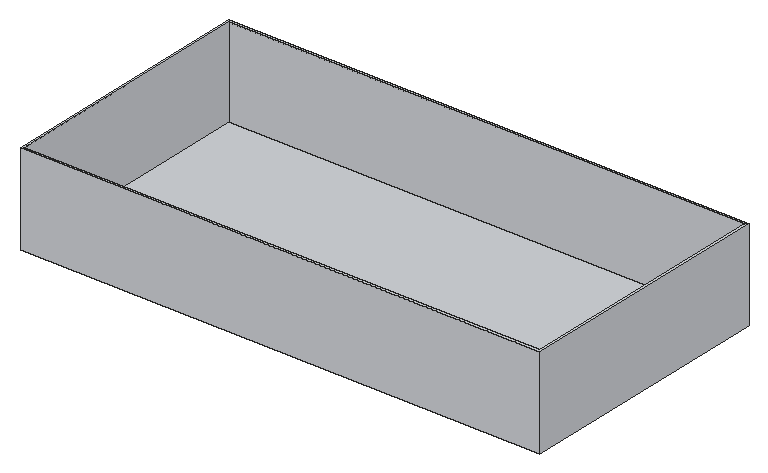
Revit family "Hager-Panelboard_400A_Cable_Spreader-empty-UK-en", category Electrical Equipment, host Face, Revit 2020
Family settings
  Host = Face
  Panel Configuration = Two Columns, Circuits Across
  Round Connector Dimension = Use Diameter
  Part Type = Panelboard
  Cut with Voids When Loaded = No
  Shared = No
  Room Calculation Point = No
Parameters (values of type "Surface mounted P2XC W900 H450 D158 0 Modular spacings - JF806E")
  Width Control [instance] = if([HG000006 - Flush mounted], if([EF000846 - Built-in width] > min_whd, [EF000846 - Built-in width], min_whd), if([EF000008 - Width] > min_whd, ([EF000008 - Width]), min_whd))  # 900 mm
  Void Depth [instance] = if([HG000006 - Flush mounted], Depth Control, 1 mm)  # 1 mm
  Type Comments = [HG000003 - Range]  # "Panelboards"
  System Height [instance] = Height Control - 2 * [HG000005 - Thickness]  # 444 mm
  Model = [HG000004 - Manufacturer reference]  # "JF806E"
  HG000017 - Distance between poles = 18 mm
  HG000016 - Door 3d visibility [instance] = yes
  HG000015 - Clearance visibility [instance] = no
  HG000014 - Door on the right [instance] = yes
  HG000013 - Door on the left [instance] = not([HG000014 - Door on the right])  # no
  HG000012 - Door swing angle [instance] = 45.00°
  HG000011 - Empty rows from bottom = no
  HG000010 - Asymmetric doors = no
  HG000009 - Double swing door = no
  HG000008 - Number of empty rows = 0
  HG000007 - Number of empty columns = 0
  HG000006 - Flush mounted = no
  HG000005 - Thickness = 3 mm  # constant formula
  HG000004 - Manufacturer reference = "JF806E"
  HG000003 - Range = "Panelboards"
  HG000002 - With door or cover = no
  HG000001 - Number of columns = 0
  EF015941 - Signal passing door = no
  EF015777 - Neutral terminal block = yes
  EF015776 - Earthing terminal block = yes
  EF009212 - Cover model = ""
  EF006306 - With lock = yes
  EF006244 - Transparent cover/door = no
  EF005474 - Degree of protection (IP) = "EV009848 - IP2XC"
  EF004462 - Type of closure = "EV001412 - Cylinder"
  EF002950 - Width in number of modular spacings = 0
  EF001596 - Material housing = "EV000179 - Steel"
  EF001134 - DIN-rail = no
  EF001131 - Internal depth = 0 mm
  EF001088 - Extension possible = no
  EF001062 - EMC-version = no
  EF000846 - Built-in width = 0 mm
  EF000339 - Type of cover = "EV004216 - Door"
  EF000332 - Built-in height = 0 mm
  EF000266 - Number of rows = 0
  EF000218 - Built-in depth = 0 mm
  EF000118 - With mounting plate = no
  EF000116 - RAL-number = ""
  EF000049 - Depth = 158 mm
  EF000040 - Height = 450 mm
  EF000008 - Width = 900 mm
  EF000007 - Colour = "EV000154 - Other"
  EF000003 - Mounting method = "EV000384 - Surface mounted (plaster)"
  Arrow Offset [instance] = Depth Control / 8  # 19.75 mm
  Arrow Height [instance] = Depth Control - Arrow Offset  # 138.25 mm
  Host Offset [instance] = if([HG000006 - Flush mounted], 0 mm, [EF000049 - Depth])  # 158 mm
  min_whd [instance] = (2 * [HG000005 - Thickness]) + 1 mm  # 7 mm
  Manufacturer = "Hager"  # constant formula
  Height Control [instance] = if([HG000006 - Flush mounted], if([EF000332 - Built-in height] > min_whd, [EF000332 - Built-in height], min_whd), if([EF000040 - Height] > min_whd, ([EF000040 - Height]), min_whd))  # 450 mm
  Flush Mounted - Door Frame Width [instance] = if(([EF000040 - Height] - [EF000332 - Built-in height]) > 0 mm, if([HG000006 - Flush mounted], [EF000040 - Height] - [EF000332 - Built-in height], 0 mm), 0 mm)  # 0 mm
  Depth Control [instance] = if([HG000006 - Flush mounted], if([EF000218 - Built-in depth] > 0 mm, [EF000218 - Built-in depth], 1 mm), if([EF000049 - Depth] > 0 mm, ([EF000049 - Depth]), 1 mm))  # 158 mm
  Default Elevation = 0 mm
Types (2, lengths in mm): name | System Height | Model | HG000004 - Manufacturer reference | EF001088 - Extension possible | EF000339 - Type of cover | EF000040 - Height | Height Control
  Surface mounted P2XC W900 H300 D158  Modular spacings - JF805E | 294 | "JF805E" | "JF805E" | yes | "EV001012 - Cover" | 300 | 300
  Surface mounted P2XC W900 H450 D158 0 Modular spacings - JF806E | 444 | "JF806E" | "JF806E" | no | "EV004216 - Door" | 450 | 450
Reference planes
  plane 1 "Center (Front/Back)": y = 0
  plane 2: z = 0
  plane 3 "Center (Left/Right)": x = 0
  plane 4: z = 158
  plane 5: y = 3
  plane 6: z = 153
  plane 7: y = 225
  plane 8: y = 0
  plane 9: y = 450
  plane 10: z = 0
  plane 11: x = -450
  plane 12: x = 450
  plane 13: x = 447
  plane 14: x = -447
  plane 15: y = 447
  plane 16: z = 3
  plane 17: z = 155
  plane 18: z = -1
  plane 19: z = 155
Forms (mm)
  Extrusion 1, solid
    sketch origin (-583.045, 0, 1219.2) x (-1, 0, 0) y (0, 0, 1)
      loop
        line (-133.045, -1061.2) -> (-1033.045, -1061.2) -> (-1033.045, -1219.2) -> (-133.045, -1219.2) -> (-133.045, -1061.2)
    from 0 to 450 <- "Height Control"
  Extrusion 2, void
    sketch origin (-381.607, -4572, 158) x (0, -1, 0) y (-1, 0, 0)
      loop
        line (-5019, 65.393) -> (-5019, -828.607) -> (-4575, -828.607) -> (-4575, 65.393) -> (-5019, 65.393)
    from 0 to 155
  Extrusion 3, void
    sketch origin (0, 0, 0) x (1, 0, 0) y (0, 1, 0)
      loop
        line (-450, 0) -> (450, 0) -> (450, 450) -> (-450, 450) -> (-450, 0)
    from -1 to 1
  Extrusion 4, solid, detail levels coarse+medium
    sketch origin (-381.607, -4572, 158) x (-1, 0, 0) y (0, -1, 0)
      loop
        line (65.393, -5019) -> (65.393, -4575) -> (-828.607, -4575) -> (-828.607, -5019) -> (65.393, -5019)
    from 0 to -3
Cuts and joins
  Extrusion 2 cuts Extrusion 1
Dimensions and locks
  plane 4 to plane 6 = 5 mm
  "Host Offset": plane 4 to host face
  "Flush Mounted - Door Frame Width": plane 1 "Center (Front/Back)" to plane 8
  "HG000005 - Thickness": plane 5 to plane 8
  locked: connector elem to plane 3 "Center (Left/Right)"
  "Height Control": plane 9 to plane 8
  equal spacing: plane 9, plane 7, plane 8
  locked: connector elem to plane 7
  "Depth Control": plane 4 to plane 10
  "HG000005 - Thickness": plane 11 to plane 14
  "HG000005 - Thickness": plane 12 to plane 13
  equal spacing: plane 11, plane 3 "Center (Left/Right)", plane 12
  "Width Control": plane 11 to plane 12
  "Arrow Offset": nested 4 to plane 10
  "HG000005 - Thickness": plane 9 to plane 15
  "HG000005 - Thickness": plane 16 to plane 10
  "HG000005 - Thickness": plane 4 to plane 17
  "Void Depth": plane 2 to plane 18
  "HG000005 - Thickness": plane 4 to plane 19
  aligned and locked: plane 2 to host face
  aligned and locked: level to host face
  aligned and locked: plane 3 "Center (Left/Right)" to nested 2
  aligned and locked: nested 2 to plane 4
  aligned and locked: nested 2 to plane 8
  aligned and locked: nested 1 to plane 6
  aligned and locked: nested 1 to plane 5
  aligned and locked: nested 4 to plane 11
  aligned and locked: nested 3 to plane 4
  aligned and locked: Extrusion 1 sketch curve to plane 12
  aligned and locked: Extrusion 1 sketch curve to plane 11
  aligned and locked: nested 3 to plane 10
  aligned and locked: plane 10 to Extrusion 1 sketch curve
  aligned and locked: Extrusion 2 sketch curve to plane 5
  aligned and locked: Extrusion 2 sketch curve to plane 15
  aligned and locked: Extrusion 2 sketch curve to plane 14
  aligned and locked: Extrusion 2 sketch curve to plane 13
  aligned and locked: plane 11 to Extrusion 3 sketch curve
  aligned and locked: plane 9 to Extrusion 3 sketch curve
  aligned and locked: Extrusion 3 sketch curve to plane 8
  aligned and locked: plane 12 to Extrusion 3 sketch curve
  aligned and locked: nested 3 to plane 12
  aligned and locked: Extrusion 3 to plane 18
  aligned and locked: Extrusion 2 to plane 16
  aligned and locked: Extrusion 1 sketch curve to plane 4
  aligned and locked: Extrusion 4 to plane 17
  aligned and locked: Extrusion 4 sketch curve to plane 15
  aligned and locked: Extrusion 4 sketch curve to plane 13
  aligned and locked: Extrusion 4 sketch curve to plane 14
  aligned and locked: Extrusion 4 sketch curve to plane 5
Automatic sketch dimensions
  host sketch curve to host sketch curve = 1469.727 mm
  host sketch curve to host sketch curve = 1434.803 mm
Nested families
  nested 1: "Hager_Enclosure_System" at (0, 3, 153) x (1, 0, 0) z (0, 1, 0), Depth <- "HG000005 - Thickness", Height <- "System Height", Width <- "EF000008 - Width", Border <- "HG000005 - Thickness", Flush_Mounted <- "HG000006 - Flush mounted", Built-in_Width <- "EF000846 - Built-in width", Row_Module_Multiplicator <- "EF002950 - Width in number of modular spacings", Total_No_Empty_Rows <- "HG000008 - Number of empty rows", Total_No_Rows <- "EF000266 - Number of rows", Empty_Columns <- "HG000007 - Number of empty columns", Width_Control <- "Width Control", Empty_Rows_From_Bottom <- "HG000011 - Empty rows from bottom", Distance_Between_Poles <- "HG000017 - Distance between poles", Rows_Count <- "EF000266 - Number of rows", Columns_Count <- "HG000001 - Number of columns", type "Hager_Enclosure_System", detail levels fine
    with Width_Control 900 mm, Width 900 mm, Total_No_Rows 0, Total_No_Empty_Rows 0, Total_No_Columns 1, System_Width 894 mm, Rows_Count 0, Rows_Column 0, Row_Module_Multiplicator 0, Panel_4 no, Panel_3 no, Panel_2 no, Panel_1 no, No_Panels_Ctrl 1, Hide_Columns yes, Height 444 mm, Flush_Mounted no, Empty_Rows_From_Bottom no, Empty_Rows_Column 0, Empty_Columns 0, Distance_Between_Poles 18 mm, Depth 3 mm, Columns_Count 0, Column_Width 894 mm, Built-in_Width 0 mm, Border 3 mm
  nested 2: "Hager_Enclosure_Door" at (0, 0, 158) x (1, 0, 0) z (0, 1, 0), Border <- "HG000005 - Thickness", Door_Right <- "HG000014 - Door on the right", Flush_Mounted <- "HG000006 - Flush mounted", Depth <- "EF000049 - Depth", Width <- "EF000008 - Width", Door_Left <- "HG000013 - Door on the left", 3d_Door <- "HG000016 - Door 3d visibility", BuiltIn_Width <- "EF000846 - Built-in width", BuiltIn_Height <- "EF000332 - Built-in height", BuiltIn_Depth <- "EF000218 - Built-in depth", Angle <- "HG000012 - Door swing angle", Assymetrical <- "HG000010 - Asymmetric doors", Double <- "HG000009 - Double swing door", Clearance <- "HG000015 - Clearance visibility", Transparent <- "EF006244 - Transparent cover/door", Door <- "HG000002 - With door or cover", Height_Ctrl <- "Height Control", Width_Ctrl <- "Width Control", Height <- "EF000040 - Height", type "Hager_Enclosure_Door", detail levels medium+fine
    with min_wh 7 mm, Width_Ctrl 900 mm, Width 900 mm, Transparent_Door_No_Bottom_Border no, Transparent no, Leaf_Width 891 mm, Leaf_Tolerance 1.5 mm, Leaf_Height 441 mm, Leaf_2_Width 891 mm, Leaf_2_Offset 445.5 mm, Leaf_1_Width 891 mm, Leaf_1_Offset 445.5 mm, Height_Ctrl 450 mm, Height 450 mm, Frame_Width_Ctrl 900 mm, Frame_Width 900 mm, Frame_Internal_Offset 0 mm, Frame_Height_Ctrl 450 mm, Frame_Height 450 mm, Frame_Depth_Ctrl 1 mm, Frame_Depth 0 mm, Flush_Mounted no, Double_Clearance_Ctrl no, Double no, Door_Right_Ctrl no, Door_Right yes, Door_Left_Ctrl no, Door_Left no, Door no, Depth 158 mm, Clearance_Depth 891 mm, Clearance_Ctrl no, Clearance no, BuiltIn_Width 0 mm, BuiltIn_Height 0 mm, BuiltIn_Depth 0 mm, Border 3 mm, Assymetrical no, Angle 45.00°, 3d_Door yes
  nested 3: "Hager_Enclosure_Symbol_Triangle" at (-450, 0, 0) x (1, 0, 0) z (0, -1, 0), Depth <- "Depth Control", Width <- "Width Control", type "Hager_Enclosure_Symbol_Triangle"
    with Width_Ctrl 900 mm, Width 900 mm, Depth_Ctrl 158 mm, Depth 158 mm
  nested 4: "Hager_Enclosure_Symbol_Arrow" at (-450, 0, 19.75) x (1, 0, 0) z (0, -1, 0), Height <- "Arrow Height", type "Hager_Enclosure_Symbol_Arrow"
    with Width_Inside 10.369 mm, Width 124.425 mm, Height_Ctrl 138.25 mm, Height 138.25 mm
Connectors
  electrical at (0, 225, 0)
    settings: on plane 10, index 1, voltage 0 V, apparent load 0 VA, apparent load phase1 0 VA, apparent load phase2 0 VA, apparent load phase3 0 VA, power factor 1, load classification "Other", number of poles 1, system type 30, power factor state 1, is connector primary yes, connector utility no, sub classification motor no, connector description ""
Definition of nested family "Hager_Enclosure_Door"
  Parameters (values of type "Hager_Enclosure_Door")
    min_wh [instance] = (2 * Border) + 1 mm  # 11 mm
    Width_Ctrl [instance] = 400 mm
    Width [instance] = 500 mm
    Transparent_Door_No_Bottom_Border [instance] = no
    Transparent [instance] = yes
    Leaf_Width [instance] = if((Width_Ctrl - 2 * Border - 2 * Leaf_Tolerance) > 0 mm, (Width_Ctrl - 2 * Border - 2 * Leaf_Tolerance), min_wh)  # 387 mm
    Leaf_Tolerance [instance] = 1.5 mm  # constant formula
    Leaf_Height [instance] = if((Height_Ctrl - 2 * Border - 2 * Leaf_Tolerance) > 0 mm, (Height_Ctrl - 2 * Border - 2 * Leaf_Tolerance), min_wh)  # 387 mm
    Leaf_2_Width [instance] = if(and(and(Double, Assymetrical), Door_Left), (Leaf_Width / 3) - (Leaf_Tolerance / 2), if(and(and(Double, Assymetrical), Door_Right), (Leaf_Width / 3) * 2 - (Leaf_Tolerance / 2), if(and(Double, not(Assymetrical)), (Leaf_Width / 2) - Leaf_Tolerance, Leaf_Width)))  # 387 mm
    Leaf_2_Offset [instance] = if(and(Double, Assymetrical), Leaf_2_Width / 2, if(and(Double, not(Assymetrical)), Leaf_Width / 4, Leaf_Width / 2))  # 193.5 mm
    Leaf_1_Width [instance] = if(and(and(Double, Assymetrical), Door_Right), (Leaf_Width / 3) - (Leaf_Tolerance / 2), if(and(and(Double, Assymetrical), Door_Left), (Width / 3) * 2 - (Leaf_Tolerance / 2), if(and(Double, not(Assymetrical)), (Leaf_Width / 2) - Leaf_Tolerance, Leaf_Width)))  # 387 mm
    Leaf_1_Offset [instance] = if(and(Double, Assymetrical), Leaf_1_Width / 2, if(and(Double, not(Assymetrical)), Leaf_Width / 4, Leaf_Width / 2))  # 193.5 mm
    Height_Ctrl [instance] = 400 mm
    Height [instance] = 500 mm
    Frame_Width_Ctrl [instance] = if(Frame_Width > 0 mm, Frame_Width, 1 mm)  # 1 mm
    Frame_Width [instance] = Width - BuiltIn_Width  # 0 mm
    Frame_Internal_Offset [instance] = if(Flush_Mounted, Border, 0 mm)  # 5 mm
    Frame_Height_Ctrl [instance] = if(Frame_Height > 0 mm, Frame_Height, 1 mm)  # 1 mm
    Frame_Height [instance] = Height - BuiltIn_Height  # 0 mm
    Frame_Depth_Ctrl [instance] = if(Frame_Depth > 0 mm, Frame_Depth, 1 mm)  # 1 mm
    Frame_Depth [instance] = if(Depth - BuiltIn_Depth > 0 mm, if(Flush_Mounted, Depth - BuiltIn_Depth, 0 mm), 0 mm)  # 0 mm
    Flush_Mounted [instance] = yes
    Double_Clearance_Ctrl [instance] = and(Double, Clearance)  # no
    Double [instance] = no
    Door_Right_Ctrl [instance] = and(or(Door_Right, Double), Door)  # yes
    Door_Right [instance] = yes
    Door_Left_Ctrl [instance] = and(or(Door_Left, Double), Door)  # no
    Door_Left [instance] = no
    Door [instance] = yes
    Depth [instance] = 500 mm
    Default Elevation = 1219.2 mm
    Clearance_Material = none
    Clearance_Depth [instance] = if(Leaf_1_Width > Leaf_2_Width, Leaf_1_Width, Leaf_2_Width)  # 387 mm
    Clearance_Ctrl [instance] = and(not(Double), Clearance)  # yes
    Clearance [instance] = yes
    BuiltIn_Width [instance] = 500 mm
    BuiltIn_Height [instance] = 500 mm
    BuiltIn_Depth [instance] = 500 mm
    Border [instance] = 5 mm
    Assymetrical [instance] = yes
    Angle [instance] = 30.00°
    3d_Door [instance] = yes
  Reference planes
    plane 1 "Center (Front/Back)": y = 0
    plane 2 "Bottom": z = 0
    plane 3 "Center (Left/Right)": x = 0
    plane 4: z = 400
    plane 5: x = -200
    plane 6: x = 200
    plane 7: z = 395
    plane 8: x = -195
    plane 9: z = 5
    plane 10: x = 195
    plane 11: y = 0
    plane 12: z = 6.5
    plane 13: x = -582
    plane 14: y = -387
    plane 15: x = 582
    plane 16: x = 0
    plane 17: x = 0
    plane 18: x = -193.5
    plane 19: x = 193.5
    plane 20: z = 393.5
  Forms (mm)
    Extrusion 1, solid, visible <- "Flush_Mounted"
      sketch origin (0, 0, 0) x (1, 0, 0) y (0, 0, 1)
        loop
          line (195, 5) -> (195, 395) -> (-195, 395) -> (-195, 5) -> (195, 5)
        loop
          line (-201, 401) -> (-201, -1) -> (201, -1) -> (201, 401) -> (-201, 401)
      from 0 to 1 <- "Frame_Depth_Ctrl"
    Extrusion 2, solid, material <- "Clearance_Material", visible <- "Double_Clearance_Ctrl"
      sketch origin (1200, 0, 0) x (1, 0, 0) y (0, 0, -1)
        loop
          line (-1782, -393.5) -> (-618, -393.5) -> (-618, 0) -> (-1782, 0) -> (-1782, -393.5)
      from 0 to -387
  Dimensions and locks
    equal spacing: plane 5, plane 3 "Center (Left/Right)", plane 6
    "Width_Ctrl": plane 5 to plane 6
    "Border": plane 5 to plane 8
    "Border": plane 6 to plane 10
    "Border": plane 9 to level
    "Border": plane 4 to plane 7
    "Height_Ctrl": plane 4 to level
    "Leaf_Tolerance": plane 12 to plane 9
    "Frame_Depth": plane 11 to plane 1 "Center (Front/Back)"
    "Frame_Width_Ctrl": plane 5 to Extrusion 1 sketch curve
    "Frame_Width_Ctrl": plane 6 to Extrusion 1 sketch curve
    "Frame_Width_Ctrl": Extrusion 1 sketch curve to plane 4
    "Frame_Width_Ctrl": plane 2 "Bottom" to Extrusion 1 sketch curve
    "Leaf_1_Offset": plane 18 to plane 16
    "Leaf_2_Offset": plane 17 to plane 19
    "Leaf_1_Width": plane 13 to plane 8
    "Leaf_2_Width": plane 10 to plane 15
    "Clearance_Depth": plane 14 to plane 1 "Center (Front/Back)"
    "Leaf_Tolerance": plane 8 to plane 18
    "Leaf_Tolerance": plane 19 to plane 10
    "Leaf_Tolerance": plane 7 to plane 20
    "Frame_Internal_Offset": plane 5 to Extrusion 1 sketch curve
    "Frame_Internal_Offset": Extrusion 1 sketch curve to plane 2 "Bottom"
    "Frame_Internal_Offset": plane 6 to Extrusion 1 sketch curve
    "Frame_Internal_Offset": plane 4 to Extrusion 1 sketch curve
    aligned and locked: level to plane 2 "Bottom"
    aligned and locked: nested 1 to plane 16
    aligned and locked: nested 2 to plane 17
    aligned and locked: Extrusion 2 to plane 13
    aligned and locked: plane 15 to Extrusion 2
    aligned and locked: Extrusion 2 to plane 14
    aligned and locked: plane 12 to nested 1
    aligned and locked: nested 2 to plane 12
    aligned and locked: Extrusion 2 to plane 11
    aligned and locked: plane 20 to Extrusion 2
    aligned and locked: nested 2 to plane 11
    aligned and locked: nested 1 to plane 11
  Automatic sketch dimensions
    Extrusion 2 sketch curve to level = 0 mm
    plane 5 to Extrusion 2 sketch curve = 382 mm
    plane 6 to Extrusion 2 sketch curve = 382 mm
    Extrusion 2 sketch curve to plane 4 = 6.5 mm
  Nested families
    nested 1: "Hager_Enclosure_Door_Leaf" at (0, 0, 6.5), Width <- "Leaf_1_Width", visible <- "Door_Left_Ctrl", Leaf_Height <- "Leaf_Height", Angle <- "Angle", Depth <- "Border", 3d_Door <- "3d_Door", Transparent <- "Transparent", Clearance Material <- "Clearance_Material", Clearance <- "Clearance_Ctrl", Transparent_Door_No_Bottom_Border <- "Transparent_Door_No_Bottom_Border", type "Hager_Enclosure_Door_Leaf"
      with Width 387 mm, Transparent_Door_No_Bottom_Border no, Transparent_Door_Border_Bottom_Top 25 mm, Transparent_Door_Border 25 mm, Transparent_Ctrl yes, Transparent yes, Standard no, Leaf_Height 387 mm, Glass_Offset 1 mm, Depth 5 mm, Clearance Material none, Clearance yes, Angle_Ctrl 30.00°, Angle 30.00°, 3d_Door yes
    nested 2: "Hager_Enclosure_Door_Leaf" at (0, 0, 6.5) x (-1, 0, 0) z (0, 0, 1), Width <- "Leaf_2_Width", visible <- "Door_Right_Ctrl", Leaf_Height <- "Leaf_Height", Angle <- "Angle", Depth <- "Border", 3d_Door <- "3d_Door", Transparent <- "Transparent", Clearance Material <- "Clearance_Material", Clearance <- "Clearance_Ctrl", Transparent_Door_No_Bottom_Border <- "Transparent_Door_No_Bottom_Border", type "Hager_Enclosure_Door_Leaf"
      with Width 387 mm, Transparent_Door_No_Bottom_Border no, Transparent_Door_Border_Bottom_Top 25 mm, Transparent_Door_Border 25 mm, Transparent_Ctrl yes, Transparent yes, Standard no, Leaf_Height 387 mm, Glass_Offset 1 mm, Depth 5 mm, Clearance Material none, Clearance yes, Angle_Ctrl 30.00°, Angle 30.00°, 3d_Door yes
  Definition of nested family "Hager_Enclosure_Door_Leaf"
    Parameters (values of type "Hager_Enclosure_Door_Leaf")
      Width [instance] = 2000 mm
      Transparent_Door_No_Bottom_Border [instance] = yes
      Transparent_Door_Border_Bottom_Top [instance] = if(Transparent_Door_No_Bottom_Border, 0.1 mm, Transparent_Door_Border)  # 0.1 mm
      Transparent_Door_Border [instance] = if(Transparent_Door_No_Bottom_Border, (Width * 0.12), 25 mm)  # 240 mm
      Transparent_Ctrl [instance] = and(Transparent, [3d_Door])  # yes
      Transparent [instance] = yes
      Standard [instance] = and(not(Transparent), [3d_Door])  # no
      Leaf_Height [instance] = 2720.336 mm
      Glass_Offset [instance] = if((Depth - 10 mm) / 2 > 0 mm, (Depth - 10 mm) / 2, 1 mm)  # 15 mm
      Glass_Material = none
      Depth [instance] = 40 mm
      Default Elevation = 0 mm
      Clearance Material [instance] = none
      Clearance [instance] = yes
      Angle_Ctrl [instance] = if(Angle > 170.00°, 170.00°, Angle)  # 45.00°
      Angle [instance] = 45.00°
      3d_Door [instance] = yes
    Reference planes
      plane 1 "Center (Front/Back)": y = 0
      plane 2: z = 0
      plane 3 "Center (Left/Right)": x = 0
      plane 4: y = 2000
      plane 5: x = -1000
      plane 6: x = 1000
      plane 7: x = -3000
      plane 8: z = 2720.336
      plane 9: z = 0.1
      plane 10: z = 2720.236
      plane 11: x = 760
      plane 12: x = -760
    Forms (mm)
      Extrusion 1, solid, material <- "Clearance Material", visible <- "Clearance"
        sketch origin (0, 0, 0) x (1, 0, 0) y (0, 0, 1)
          loop
            line (-3000, 2720.336) -> (-3000, 0) -> (1000, 0) -> (1000, 2720.336) -> (-3000, 2720.336)
        from 0 to -2000
      Extrusion 2, solid, visible <- "Standard", detail levels medium+fine
        sketch origin (-1000, 0, 0) x (0.707107, 0.707107, 0) y (-0.707107, 0.707107, 0)
          loop
            line (0, -40) -> (2000, -40) -> (2000, 0) -> (0, 0) -> (0, -40)
        from 0 to 2720.336 <- "Leaf_Height"
      Extrusion 3, solid, visible <- "Transparent_Ctrl", detail levels medium+fine
        sketch origin (-1000, 0, 0) x (0.707107, 0.707107, 0) y (-0.707107, 0.707107, 0)
          loop
            line (0, -40) -> (2000, -40) -> (2000, 0) -> (0, 0) -> (0, -40)
        from 0 to 2720.336 <- "Leaf_Height"
      Extrusion 4, void, detail levels medium+fine
        sketch origin (-1000, 0, 0) x (-0.707107, 0.707107, 0) y (0.707107, 0.707107, 0)
          loop
            line (0, 240) -> (0, 1760) -> (-40, 1760) -> (-40, 240) -> (0, 240)
        from -2720.236 to -0.1
      Extrusion 5, solid, material <- "Glass_Material", visible <- "Transparent_Ctrl", detail levels medium+fine
        sketch origin (-1000, 0, 0) x (0.707107, 0.707107, 0) y (-0.707107, 0.707107, 0)
          loop
            line (240, -15) -> (240, -25) -> (1760, -25) -> (1760, -15) -> (240, -15)
        from 0.1 to 2720.236
    Cuts and joins
      Extrusion 4 cuts Extrusion 3
    Lines and regions (mm)
      symbolic lines
        curve 1: line (1000, 0, 0) -> (-3000, 0, 0)
        curve 2: arc (1000, 0, 0) -> (-1000, 2000, 0) -> (-3000, 0, 0) r 2000
        curve 4: line (-1000, 0, 0) -> (414.214, 1414.214, 0)
      reference lines
        curve 3: line (-1000, 0, 0) -> (414.214, 1414.214, 0)
      symbolic lines, detail levels medium+fine
        curve 5: line (414.214, 1414.214, 0) -> (442.498, 1385.929, 0)
        curve 6: line (442.498, 1385.929, 0) -> (-971.716, -28.284, 0)
        curve 7: line (-971.716, -28.284, 0) -> (-1000, 0, 0)
        curve 8: line (-1000, 0, 2720.336) -> (1000, 0, 2720.336)
        curve 9: line (-1000, 0, 0) -> (-1000, 0, 2720.336)
        curve 10: line (1000, 0, 0) -> (-1000, 0, 0)
        curve 11: line (1000, 0, 2720.336) -> (1000, 0, 0)
      symbolic lines, visible <- "Transparent_Ctrl", detail levels medium+fine
        curve 12: line (-760, 0, 2720.236) -> (760, 0, 2720.236)
        curve 13: line (-760, 0, 0.1) -> (-760, 0, 2720.236)
        curve 14: line (760, 0, 0.1) -> (-760, 0, 0.1)
        curve 15: line (760, 0, 2720.236) -> (760, 0, 0.1)
    Dimensions and locks
      "Width": plane 1 "Center (Front/Back)" to plane 4
      equal spacing: plane 5, plane 3 "Center (Left/Right)", plane 6
      "Width": plane 5 to plane 6
      "Width": plane 7 to plane 5
      "Leaf_Height": plane 8 to level
      "Depth": curve 6 to curve 3
      "Width": curve 5 to curve 3
      "Width": curve 3 to curve 3
      "Transparent_Door_Border": Extrusion 4 sketch curve to curve 7
      "Transparent_Door_Border": Extrusion 4 sketch curve to curve 5
      "Transparent_Door_Border_Bottom_Top": plane 8 to plane 10
      "Transparent_Door_Border_Bottom_Top": plane 9 to level
      "Glass_Offset": Extrusion 5 sketch curve to curve 4
      "Glass_Offset": Extrusion 5 sketch curve to curve 6
      "Transparent_Door_Border": Extrusion 5 sketch curve to curve 5
      "Transparent_Door_Border": Extrusion 5 sketch curve to curve 7
      "Transparent_Door_Border": plane 12 to plane 5
      "Transparent_Door_Border": plane 6 to plane 11
      "Angle_Ctrl": angle plane 1 "Center (Front/Back)" to curve 3
      aligned and locked: level to plane 2
      aligned and locked: Extrusion 1 to curve 1
      aligned and locked: plane 6 to Extrusion 1
      aligned and locked: Extrusion 1 to plane 1 "Center (Front/Back)"
      aligned and locked: plane 4 to Extrusion 1
      aligned and locked: plane 8 to Extrusion 1
      aligned and locked: curve 4 to curve 3
      aligned and locked: Extrusion 2 sketch curve to curve 7
      aligned and locked: Extrusion 2 sketch curve to curve 6
      aligned and locked: Extrusion 2 sketch curve to curve 5
      aligned and locked: Extrusion 2 sketch curve to curve 3
      aligned and locked: curve 7 to Extrusion 3 sketch curve
      aligned and locked: Extrusion 3 sketch curve to curve 4
      aligned and locked: Extrusion 3 sketch curve to curve 6
      aligned and locked: Extrusion 3 sketch curve to curve 5
      aligned and locked: curve 4 to Extrusion 4 sketch curve
      aligned and locked: curve 6 to Extrusion 4 sketch curve
      aligned and locked: Extrusion 4 to plane 9
      aligned and locked: Extrusion 4 to plane 10
      aligned and locked: Extrusion 5 to plane 9
      aligned and locked: Extrusion 5 to plane 10
      aligned and locked: curve 8 to plane 8
      aligned and locked: plane 5 to curve 9
      aligned and locked: plane 2 to curve 10
      aligned and locked: curve 11 to plane 6
      aligned and locked: plane 10 to curve 12
      aligned and locked: plane 12 to curve 13
      aligned and locked: curve 14 to plane 9
      aligned and locked: plane 11 to curve 15
    Automatic sketch dimensions
      plane 1 "Center (Front/Back)" to curve 2 = 0 mm
      curve 2 to plane 5 = 0 mm
      Extrusion 1 sketch curve to level = 0 mm
      Extrusion 1 sketch curve to plane 7 = 0 mm
      Extrusion 1 sketch curve to plane 6 = 0 mm
      Extrusion 1 sketch curve to plane 8 = 0 mm
      plane 1 "Center (Front/Back)" to curve 3 = 0 mm
      curve 3 to plane 5 = 0 mm
      curve 7 to curve 3 = 0 mm
Definition of nested family "Hager_Enclosure_Symbol_Triangle"
  Parameters (values of type "Hager_Enclosure_Symbol_Triangle")
    Width_Ctrl [instance] = if(Width > 1 mm, Width, 1 mm)  # 498 mm
    Width [instance] = 498 mm
    Depth_Ctrl [instance] = if(Depth > 1 mm, Depth, 1 mm)  # 72 mm
    Depth [instance] = 72 mm
  Reference planes
    plane 1 "Centre (avant/arrière)": y = 0
    plane 2: z = 0
    plane 3 "Centre (gauche/droite)": x = 0
  Lines and regions (mm)
    Filled region 1, type "Solid_Black", in view "Niveau de réf."
      outline origin (0, 0, 0) x (1, 0, 0) y (0, 1, 0)
        loop
          line (0, 0) -> (498, 0) -> (498, 72) -> (0, 0)
    reference lines, in view "Niveau de réf."
      curve 1: line (-206.153, 72, 0) -> (1083.258, 72, 0)
      curve 2: line (498, 405.456, 0) -> (498, -517.619, 0)
  Dimensions and locks
    "Depth_Ctrl": plane 1 "Centre (avant/arrière)" to curve 1
    "Width_Ctrl": plane 3 "Centre (gauche/droite)" to curve 2
    aligned and locked: curve 1 to Filled region 1 sketch curve
    aligned and locked: Filled region 1 sketch curve to plane 1 "Centre (avant/arrière)"
    aligned and locked: curve 2 to Filled region 1 sketch curve
    aligned and locked: plane 3 "Centre (gauche/droite)" to Filled region 1 sketch curve
    aligned and locked: plane 1 "Centre (avant/arrière)" to Filled region 1 sketch curve
  Automatic sketch dimensions
    curve 1 to plane 3 "Centre (gauche/droite)" = 206.153 mm
    curve 2 to curve 1 = 585.258 mm
    plane 1 "Centre (avant/arrière)" to curve 2 = 517.619 mm
    curve 2 to plane 1 "Centre (avant/arrière)" = 405.456 mm
Definition of nested family "Hager_Enclosure_Symbol_Arrow"
  Parameters (values of type "Hager_Enclosure_Symbol_Arrow")
    Width_Inside [instance] = if(Width / 12 > 2 mm, Width / 12, 2 mm)  # 4.987 mm
    Width [instance] = if(Height_Ctrl * 0.9 > 2 mm, Height_Ctrl * 0.9, 2 mm)  # 59.85 mm
    Height_Ctrl [instance] = if(Height > 2 mm, Height, 2 mm)  # 66.5 mm
    Height [instance] = 66.5 mm
  Reference planes
    plane 1 "Centre (avant/arrière)": y = 0
    plane 2: z = 0
    plane 3 "Centre (gauche/droite)": x = 0
    plane 4: x = 59.85
    plane 5: y = 28.263
    plane 6: y = 38.238
    plane 7: y = 66.5
    plane 8: x = 29.925
    plane 9: y = 33.25
  Lines and regions (mm)
    Filled region 1, type "Solid_Black", in view "Niveau de réf."
      outline origin (0, 0, 0) x (1, 0, 0) y (0, 1, 0)
        loop
          line (59.85, 66.5) -> (37.929, 52.827) -> (51.846, 41.935) -> (59.85, 66.5)
    detail lines, in view "Niveau de réf."
      curve 1: line (0, 0, 0) -> (29.925, 38.238, 0)
      curve 2: line (29.925, 38.238, 0) -> (29.925, 28.263, 0)
      curve 3: line (29.925, 28.263, 0) -> (59.85, 66.5, 0)
  Dimensions and locks
    "Width": plane 3 "Centre (gauche/droite)" to plane 4
    "Height_Ctrl": plane 7 to plane 1 "Centre (avant/arrière)"
    equal spacing: plane 3 "Centre (gauche/droite)", plane 8, plane 4
    equal spacing: plane 7, plane 9, plane 1 "Centre (avant/arrière)"
    equal spacing: plane 6, plane 9, plane 5
    "Width_Inside": plane 6 to plane 9
    equal spacing: curve 3, Filled region 1 sketch curve, Filled region 1 sketch curve
    angle Filled region 1 sketch curve to curve 3 = 20.00°
    angle curve 3 to Filled region 1 sketch curve = 20.00°
    locked: curve 3 to Filled region 1 sketch curve (angle 90.00°)
  Automatic sketch dimensions
    plane 1 "Centre (avant/arrière)" to curve 1 = 0 mm
    curve 1 to plane 3 "Centre (gauche/droite)" = 0 mm
    curve 2 to plane 6 = 0 mm
    curve 3 to plane 8 = 0 mm
    curve 3 to plane 4 = 0 mm
    curve 2 to plane 5 = 0 mm
    curve 3 to plane 7 = 0 mm
    Filled region 1 sketch curve to plane 4 = 0 mm
    Filled region 1 sketch curve to plane 7 = 0 mm
